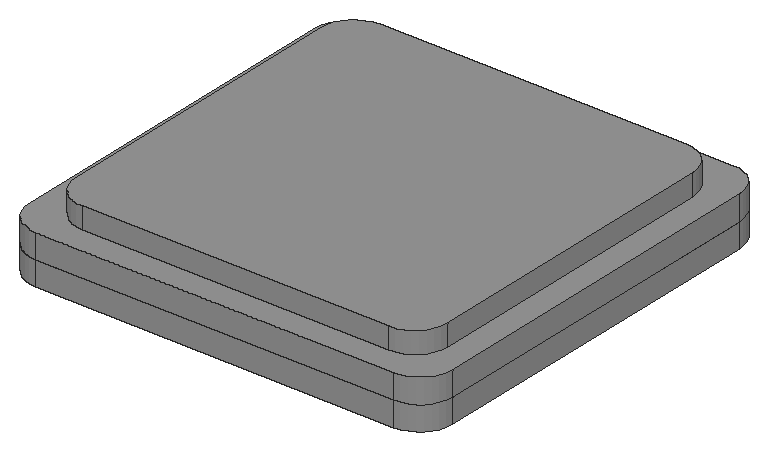
Revit family "FMS2_63_UN_Surface-mounted_ETK", category Lighting Fixtures, Revit 2019 (continued)
Definition of nested family "FMS.2 - Lightsource"
  Types (14, lengths in mm): name | Wattage Comments | Wattage | built-in parameter 1150134 | Photometric Web File | built-in parameter 1150142 | built-in parameter 1150105 | Lumens | built-in parameter 1150107 | built-in parameter 1150106 | Apparent Load
      .8348\t455.1776\t453.3823\t451.7251\r\n449.9298\t448.2726\t446.063\t443.4391\t440.6771\t437.777\t435.015\t432.3911\t429.7672\t427.0052\r\n424.1051\t421.3431\t418.443\t415.681\t412.7809\t410.0189\t407.2569\t404.4949\t401.5948\t398.6947\r\n395.7946\t393.0326\t390.1325\t387.3705\t384.6085\t381.5703\t378.6702\t375.7701\t372.7319\t369.8318\r\n366.9317\t364.1697\t361.2696\t358.5076\t355.6075\t352.7074\t349.6692\t346.7691\t343.869\t340.6927\r\n337.1021\t333.3734\t329.7828\t326.1922\t322.6016\t319.011\t315.4204\t311.8298\t308.2392\t304.6486\r\n301.058\t297.4674\t293.8768\t290.2862\t286.6956\t283.105\t279.5144\t276.0619\t272.4713\t268.8807\r\n265.2901\t261.8376\t258.3851\t254.9326\t251.4801\t248.0276\t244.5751\t241.1226\t237.6701\t234.2176\r\n230.627\t226.7602\t222.8934\t219.0266\t215.2979\t211.4311\t207.7024\t203.8356\t200.1069\t196.3782\r\n192.6495\t188.9208\t185.1921\t181.4634\t177.8728\t174.1441\t170.5535\t166.8248\t163.2342\t159.6436\r\n156.053\t152.4624\t148.8718\t145.2812\t141.8287\t138.2381\t134.7718\t131.2088\t127.6596\t124.1243\r\n120.6027\t117.095\t113.6149\t110.1624\t106.7099\t103.285\t99.8739\t96.4628\t93.0794\t89.696\r\n86.3263\t82.9705\t79.6285\t76.3003\t72.972\t69.6715\t66.3709\t63.0841\t59.8111\t54.3562\r\n46.3325\t38.3089\t30.2991\t22.2893\t14.2934\t6.2863\t0\t0\t0\t0\r\n0\t0\t0\t0\t0\t0\t0\t0\t0\t0\r\n0\r\n502.9602\t501.8554\t500.7506\t499.6458\t498.6791\t497.7124\t496.8838\t495.779\t494.6742\t493.7075\r\n492.6027\t491.636\t490.5312\t489.4264\t488.3216\t487.2168\t485.9739\t484.731\t483.4881\t482.2452\r\n480.8642\t479.6213\t478.3784\t476.9974\t475.6164\t474.3735\t472.9925\t471.6115\t470.2305\t468.8495\r\n467.3304\t465.9494\t464.4303\t462.9112\t461.3921\t459.873\t458.3539\t456.9729\t455.4538\t453.2442\r\n450.6203\t447.8583\t445.2344\t442.6105\t439.8485\t437.2246\t434.6007\t431.9768\t429.3529\t426.5909\r\n423.8289\t421.0669\t418.443\t415.681\t413.0571\t410.2951\t407.5331\t404.7711\t402.0091\t399.2471\r\n396.4851\t393.7231\t390.9611\t388.3372\t385.5752\t382.8132\t380.0512\t377.2892\t374.5272\t371.7652\r\n369.0032\t366.2412\t363.4792\t360.5791\t357.8171\t354.0884\t350.6359\t347.0453\t343.4547\t340.0022\r\n336.5497\t332.9591\t329.5066\t325.916\t322.4635\t318.8729\t315.2823\t311.8298\t308.2392\t304.7867\r\n301.3342\t297.8817\t294.2911\t290.8386\t287.3861\t283.9336\t280.4811\t277.0286\t273.5761\t270.1236\r\n266.6711\t263.2186\t259.9042\t256.4517\t252.9992\t249.6848\t245.818\t241.9512\t238.2225\t234.3557\r\n230.627\t226.7602\t223.0315\t219.1647\t215.436\t211.7073\t207.9786\t204.2499\t200.5212\t196.7925\r\n193.2019\t189.4732\t185.7445\t182.1539\t178.5633\t174.8346\t171.244\t167.6534\t164.0628\t160.4722\r\n156.8816\t153.291\t149.7004\t146.1098\t142.5192\t138.9286\t135.338\t131.7612\t128.212\t124.6629\r\n121.1275\t117.5922\t114.0706\t110.5629\t107.0689\t103.575\t100.1087\t96.6424\t93.2037\t89.765\r\n86.3401\t82.9152\t79.5042\t76.0931\t72.6958\t69.3124\t65.9289\t61.6064\t53.4999\t45.4073\r\n37.3008\t29.222\t21.1293\t13.0463\t4.9661\t0\t0\t0\t0\t0\r\n0\t0\t0\t0\t0\t0\t0\t0\t0\t0\r\n0\r\n502.9602\t501.8554\t500.7506\t499.6458\t498.6791\t497.7124\t496.7457\t495.779\t494.6742\t493.5694\r\n492.6027\t491.4979\t490.3931\t489.4264\t488.3216\t487.2168\t486.112\t484.8691\t483.7643\t482.5214\r\n481.2785\t480.0356\t478.7927\t477.4117\t476.1688\t474.9259\t473.5449\t472.302\t471.0591\t469.6781\r\n468.2971\t466.9161\t465.5351\t464.2922\t462.9112\t461.5302\t460.0111\t457.6634\t455.0395\t452.5537\r\n450.0679\t447.5821\t444.9582\t442.4724\t439.8485\t437.2246\t434.4626\t431.8387\t429.2148\t426.5909\r\n423.967\t421.3431\t418.7192\t416.2334\t413.4714\t410.8475\t408.2236\t405.4616\t402.8377\t400.2138\r\n397.5899\t394.966\t392.3421\t389.5801\t386.9562\t384.1942\t381.5703\t378.9464\t376.3225\t373.6986\r\n371.0747\t367.7603\t364.3078\t360.8553\t357.4028\t353.9503\t350.4978\t347.0453\t343.5928\t340.0022\r\n336.6878\t333.2353\t329.7828\t326.1922\t322.7397\t319.2872\t315.8347\t312.3822\t308.9297\t305.4772\r\n302.0247\t298.7103\t295.2578\t291.9434\t288.4909\t285.1765\t281.724\t278.2715\t274.9571\t271.5046\r\n268.1902\t264.8758\t261.1471\t257.4184\t253.5516\t249.8229\t245.9561\t242.2274\t238.4987\t234.6319\r\n230.9032\t227.1745\t223.4458\t219.7171\t215.9884\t212.2597\t208.531\t204.9404\t201.2117\t197.483\r\n193.8924\t190.1637\t186.5731\t182.8444\t179.2538\t175.5251\t171.9345\t168.3439\t164.7533\t161.1627\r\n157.434\t153.8434\t150.1147\t146.5241\t142.9335\t139.3429\t135.7385\t132.1617\t128.5849\t125.0219\r\n121.4728\t117.9236\t114.3882\t110.8529\t107.3175\t103.7822\t100.2606\t96.739\t93.2313\t89.7236\r\n86.2296\t82.7357\t79.2556\t75.7893\t72.3092\t68.8428\t61.7998\t53.6104\t45.4349\t37.2594\r\n29.0839\t20.9222\t12.7535\t4.5891\t0\t0\t0\t0\t0\t0\r\n0\t0\t0\t0\t0\t0\t0\t0\t0\t0\r\n0\r\n502.9602\t501.8554\t500.7506\t499.6458\t498.541\t497.5743\t496.6076\t495.6409\t494.6742\t493.5694\r\n492.6027\t491.4979\t490.3931\t489.4264\t488.3216\t487.2168\t486.2501\t485.1453\t483.9024\t482.7976\r\n481.6928\t480.4499\t479.3451\t478.1022\t476.8593\t475.6164\t474.3735\t473.1306\t471.8877\t470.6448\r\n469.4019\t468.159\t466.9161\t465.6732\t464.2922\t462.2207\t459.7349\t457.2491\t454.7633\t452.4156\r\n449.9298\t447.444\t444.8201\t442.3343\t439.7104\t437.2246\t434.7388\t432.253\t429.6291\t427.1433\r\n424.6575\t422.0336\t419.4097\t416.9239\t414.3\t411.6761\t409.1903\t406.5664\t404.0806\t401.4567\r\n398.8328\t396.347\t393.7231\t391.2373\t388.6134\t385.9895\t383.5037\t380.8798\t377.8416\t374.3891\r\n370.9366\t367.6222\t364.1697\t360.7172\t357.2647\t353.9503\t350.4978\t347.1834\t343.7309\t340.2784\r\n336.964\t333.5115\t330.1971\t326.7446\t323.4302\t319.9777\t316.6633\t313.2108\t309.8964\t306.582\r\n303.1295\t299.8151\t296.5007\t293.1863\t289.8719\t286.4194\t283.105\t279.7906\t276.4762\t272.8856\r\n269.0188\t265.2901\t261.4233\t257.6946\t253.9659\t250.2372\t246.3704\t242.6417\t238.913\t235.1843\r\n231.4556\t227.7269\t223.9982\t220.2695\t216.6789\t212.9502\t209.2215\t205.6309\t201.9022\t198.1735\r\n194.5829\t190.8542\t187.2636\t183.673\t179.9443\t176.3537\t172.7631\t169.0344\t165.4438\t161.7151\r\n158.1245\t154.3958\t150.8052\t147.0765\t143.4859\t139.8953\t136.1942\t132.576\t128.9578\t125.3534\r\n121.749\t118.1722\t114.5816\t111.0048\t107.428\t103.865\t100.2882\t96.739\t93.1761\t89.6269\r\n86.0777\t82.5286\t78.9932\t75.444\t71.301\t63.0288\t54.7705\t46.4983\t38.2399\t29.9953\r\n21.7369\t13.4896\t5.2423\t0\t0\t0\t0\t0\t0\t0\r\n0\t0\t0\t0\t0\t0\t0\t0\t0\t0\r\n0\r\n502.9602\t501.8554\t500.7506\t499.6458\t498.6791\t497.5743\t496.6076\t495.6409\t494.6742\t493.7075\r\n492.6027\t491.636\t490.5312\t489.4264\t488.4597\t487.3549\t486.3882\t485.2834\t484.1786\t483.2119\r\n482.1071\t481.0023\t479.8975\t478.7927\t477.6879\t476.445\t475.3402\t474.0973\t472.8544\t471.7496\r\n470.5067\t469.2638\t468.0209\t466.778\t464.4303\t461.9445\t459.5968\t457.2491\t454.7633\t452.2775\r\n449.9298\t447.444\t444.9582\t442.4724\t440.1247\t437.6389\t435.1531\t432.6673\t430.1815\t427.6957\r\n425.2099\t422.7241\t420.2383\t417.7525\t415.2667\t412.7809\t410.4332\t407.9474\t405.4616\t402.9758\r\n400.49\t398.0042\t395.5184\t393.0326\t390.5468\t388.061\t384.6085\t381.2941\t377.8416\t374.5272\r\n371.0747\t367.7603\t364.4459\t360.9934\t357.679\t354.3646\t351.0502\t347.7358\t344.2833\t340.9689\r\n337.6545\t334.3401\t331.0257\t327.7113\t324.2588\t320.9444\t317.63\t314.3156\t311.0012\t307.6868\r\n304.3724\t301.058\t297.8817\t294.5673\t291.2529\t287.9385\t284.486\t280.7573\t276.8905\t273.1618\r\n269.4331\t265.7044\t261.8376\t258.1089\t254.3802\t250.6515\t246.9228\t243.3322\t239.6035\t235.8748\r\n232.1461\t228.4174\t224.6887\t221.0981\t217.3694\t213.6407\t210.0501\t206.3214\t202.7308\t199.0021\r\n195.4115\t191.6828\t188.0922\t184.3635\t180.7729\t177.0442\t173.4536\t169.7249\t165.9962\t162.4056\r\n158.6769\t154.9482\t151.3576\t147.6289\t144.0383\t140.3096\t136.7052\t133.0455\t129.3859\t125.74\r\n122.0942\t118.4622\t114.8302\t111.1981\t107.5799\t103.9617\t100.3435\t96.7252\t93.1208\t89.5164\r\n85.912\t82.3214\t78.7308\t73.704\t65.3627\t57.0215\t48.6803\t40.339\t32.0116\t23.6703\r\n15.3429\t7.0072\t0\t0\t0\t0\t0\t0\t0\t0\r\n0\t0\t0\t0\t0\t0\t0\t0\t0\t0\r\n0\r\n502.9602\t501.8554\t500.8887\t499.7839\t498.6791\t497.7124\t496.6076\t495.6409\t494.6742\t493.7075\r\n492.7408\t491.7741\t490.8074\t489.7026\t488.5978\t487.6311\t486.5263\t485.5596\t484.4548\t483.4881\r\n482.3833\t481.4166\t480.4499\t479.3451\t478.2403\t477.2736\t476.1688\t475.064\t474.0973\t472.9925\r\n471.8877\t470.6448\t469.4019\t466.9161\t464.4303\t462.0826\t459.5968\t457.2491\t454.7633\t452.4156\r\n450.0679\t447.5821\t445.2344\t442.8867\t440.4009\t438.0532\t435.7055\t433.2197\t430.872\t428.3862\r\n426.0385\t423.6908\t421.205\t418.8573\t416.5096\t414.1619\t411.6761\t409.1903\t406.8426\t404.3568\r\n402.0091\t399.5233\t397.1756\t394.6898\t391.5135\t388.1991\t384.8847\t381.5703\t378.2559\t374.9415\r\n371.6271\t368.3127\t364.9983\t361.6839\t358.3695\t355.0551\t351.7407\t348.4263\t345.1119\t341.9356\r\n338.6212\t335.3068\t331.9924\t328.678\t325.3636\t322.0492\t318.7348\t315.5585\t312.2441\t308.9297\r\n305.6153\t302.439\t299.1246\t295.9483\t292.4958\t288.7671\t285.0384\t281.3097\t277.581\t273.8523\r\n270.1236\t266.3949\t262.6662\t258.9375\t255.2088\t251.4801\t247.7514\t244.0227\t240.294\t236.5653\r\n232.8366\t229.246\t225.5173\t221.7886\t218.0599\t214.3312\t210.7406\t207.0119\t203.2832\t199.6926\r\n195.9639\t192.3733\t188.6446\t185.054\t181.3253\t177.5966\t174.006\t170.2773\t166.5486\t162.8199\r\n159.2293\t155.5006\t151.7719\t148.1813\t144.4526\t140.7239\t137.0781\t133.4046\t129.7311\t126.0577\r\n122.398\t118.7246\t115.0649\t111.4053\t107.7594\t104.0998\t100.4401\t96.7943\t93.1485\t89.5026\r\n85.8568\t82.2109\t77.2946\t68.8705\t60.4602\t52.0361\t43.612\t35.2017\t26.7776\t18.3673\r\n9.9584\t1.5467\t0\t0\t0\t0\t0\t0\t0\t0\r\n0\t0\t0\t0\t0\t0\t0\t0\t0\t0\r\n0\r\n502.9602\t501.9935\t500.8887\t499.7839\t498.8172\t497.8505\t496.7457\t495.779\t494.8123\t493.8456\r\n492.8789\t491.9122\t490.9455\t489.9788\t489.0121\t487.9073\t486.9406\t485.9739\t485.0072\t483.9024\r\n482.9357\t481.969\t480.8642\t479.8975\t478.9308\t477.826\t476.8593\t475.8926\t474.7878\t473.8211\r\n472.8544\t471.7496\t469.54\t467.1923\t464.8446\t462.4969\t460.1492\t457.8015\t455.4538\t453.1061\r\n450.7584\t448.2726\t445.9249\t443.5772\t441.0914\t438.7437\t436.396\t434.0483\t431.7006\t429.2148\r\n426.8671\t424.5194\t422.1717\t419.824\t417.4763\t415.2667\t412.919\t410.4332\t408.0855\t405.7378\r\n403.3901\t400.9043\t398.2804\t394.966\t391.7897\t388.4753\t385.1609\t381.9846\t378.6702\t375.4939\r\n372.1795\t369.0032\t365.6888\t362.5125\t359.1981\t356.0218\t352.7074\t349.393\t346.0786\t342.9023\r\n339.5879\t336.4116\t333.0972\t329.7828\t326.6065\t323.2921\t320.1158\t316.8014\t313.6251\t310.3107\r\n307.1344\t303.82\t300.6437\t296.915\t293.1863\t289.4576\t285.7289\t282.0002\t278.2715\t274.5428\r\n270.8141\t267.0854\t263.3567\t259.628\t255.8993\t252.1706\t248.58\t244.8513\t241.1226\t237.3939\r\n233.6652\t229.9365\t226.3459\t222.6172\t218.8885\t215.2979\t211.5692\t207.8405\t204.2499\t200.5212\r\n196.7925\t193.2019\t189.4732\t185.7445\t182.0158\t178.2871\t174.5584\t170.8297\t167.101\t163.5104\r\n159.7817\t156.053\t152.3243\t148.5956\t144.8669\t141.1382\t137.5062\t133.8051\t130.104\t126.4167\r\n122.7157\t119.0284\t115.3411\t111.64\t107.9528\t104.2655\t100.5782\t96.891\t93.2175\t89.5302\r\n85.843\t82.059\t73.5659\t65.0727\t56.5796\t48.1002\t39.6071\t31.1277\t22.6346\t14.1553\r\n5.6704\t0\t0\t0\t0\t0\t0\t0\t0\t0\r\n0\t0\t0\t0\t0\t0\t0\t0\t0\t0\r\n0\r\n502.9602\t501.9935\t501.0268\t499.922\t498.9553\t497.9886\t497.0219\t495.9171\t494.9504\t493.9837\r\n493.017\t492.0503\t491.0836\t490.1169\t489.1502\t488.3216\t487.3549\t486.3882\t485.4215\t484.4548\r\n483.4881\t482.5214\t481.5547\t480.588\t479.6213\t478.6546\t477.6879\t476.7212\t475.7545\t474.7878\r\n473.8211\t472.0258\t469.6781\t467.4685\t465.1208\t462.7731\t460.4254\t458.0777\t455.8681\t453.5204\r\n451.1727\t448.825\t446.6154\t444.2677\t441.92\t439.5723\t437.2246\t435.015\t432.6673\t430.3196\r\n427.9719\t425.7623\t423.4146\t421.0669\t418.7192\t416.3715\t414.1619\t411.8142\t409.4665\t407.2569\r\n404.9092\t402.2853\t399.109\t395.7946\t392.4802\t389.3039\t385.9895\t382.8132\t379.4988\t376.3225\r\n373.0081\t369.8318\t366.5174\t363.203\t360.0267\t356.8504\t353.536\t350.3597\t347.0453\t343.869\r\n340.5546\t337.3783\t334.0639\t330.8876\t327.7113\t324.3969\t321.2206\t317.9062\t314.7299\t311.5536\r\n308.2392\t305.0629\t301.3342\t297.6055\t293.8768\t290.1481\t286.4194\t282.8288\t279.1001\t275.3714\r\n271.6427\t267.914\t264.3234\t260.5947\t256.866\t253.1373\t249.4086\t245.818\t242.0893\t238.3606\r\n234.6319\t230.9032\t227.1745\t223.5839\t219.8552\t216.1265\t212.3978\t208.6691\t205.0785\t201.3498\r\n197.6211\t194.0305\t190.3018\t186.435\t182.7063\t178.9776\t175.2489\t171.5202\t167.7915\t164.0628\r\n160.3341\t156.6054\t152.8767\t149.148\t145.4193\t141.6906\t138.031\t134.3022\t130.5874\t126.8725\r\n123.1438\t119.4289\t115.7002\t111.9853\t108.2704\t104.5555\t100.8406\t97.1257\t93.4108\t89.696\r\n85.9811\t79.5318\t70.9834\t62.4212\t53.8728\t45.3106\t36.7622\t28.2\t19.6516\t11.0991\r\n2.5479\t0\t0\t0\t0\t0\t0\t0\t0\t0\r\n0\t0\t0\t0\t0\t0\t0\t0\t0\t0\r\n0\r\n502.9602\t501.9935\t501.0268\t500.0601\t499.0934\t498.1267\t497.16\t496.3314\t495.3647\t494.398\r\n493.4313\t492.4646\t491.4979\t490.5312\t489.7026\t488.7359\t487.7692\t486.8025\t485.9739\t485.0072\r\n484.0405\t483.0738\t482.2452\t481.2785\t480.3118\t479.4832\t478.5165\t477.5498\t476.7212\t475.7545\r\n474.7878\t472.7163\t470.3686\t468.0209\t465.8113\t463.4636\t461.254\t458.9063\t456.5586\t454.349\r\n452.0013\t449.7917\t447.444\t445.2344\t442.8867\t440.539\t438.3294\t435.9817\t433.7721\t431.4244\r\n429.2148\t426.8671\t424.5194\t422.3098\t419.9621\t417.7525\t415.4048\t413.1952\t410.8475\t408.4998\r\n406.2902\t403.252\t399.9376\t396.7613\t393.4469\t390.2706\t386.9562\t383.7799\t380.6036\t377.2892\r\n374.1129\t370.7985\t367.6222\t364.4459\t361.1315\t357.9552\t354.6408\t351.4645\t348.2882\t344.9738\r\n341.7975\t338.4831\t335.3068\t332.1305\t328.8161\t325.6398\t322.4635\t319.1491\t315.9728\t312.7965\r\n309.4821\t305.8915\t302.1628\t298.5722\t294.8435\t291.1148\t287.3861\t283.6574\t279.9287\t276.2\r\n272.6094\t268.8807\t265.152\t261.4233\t257.6946\t253.9659\t250.3753\t246.6466\t242.9179\t239.1892\r\n235.4605\t231.8699\t228.1412\t224.4125\t220.6838\t216.9551\t213.3645\t209.6358\t205.9071\t202.1784\r\n198.4497\t194.721\t190.9923\t187.2636\t183.5349\t179.8062\t176.0775\t172.3488\t168.482\t164.7533\r\n161.0246\t157.2959\t153.5672\t149.8385\t146.1098\t142.3811\t138.6524\t134.8685\t131.126\t127.3834\r\n123.6547\t119.9122\t116.1697\t112.4272\t108.6985\t104.956\t101.2135\t97.4848\t93.7423\t90.0136\r\n86.2711\t78.1922\t69.5748\t60.9573\t52.3399\t43.7225\t35.105\t26.4876\t17.8701\t9.2582\r\n0.6424\t0\t0\t0\t0\t0\t0\t0\t0\t0\r\n0\t0\t0\t0\t0\t0\t0\t0\t0\t0\r\n0\r\n502.9602\t502.1316\t501.1649\t500.1982\t499.3696\t498.4029\t497.5743\t496.6076\t495.6409\t494.8123\r\n493.8456\t493.017\t492.0503\t491.0836\t490.255\t489.2883\t488.4597\t487.493\t486.5263\t485.6977\r\n484.731\t483.9024\t482.9357\t482.1071\t481.1404\t480.1737\t479.3451\t478.3784\t477.5498\t476.5831\r\n475.6164\t473.4068\t471.0591\t468.8495\t466.6399\t464.2922\t462.0826\t459.7349\t457.5253\t455.1776\r\n452.968\t450.6203\t448.4107\t446.063\t443.8534\t441.6438\t439.2961\t437.0865\t434.7388\t432.5292\r\n430.1815\t427.9719\t425.6242\t423.4146\t421.0669\t418.8573\t416.5096\t414.3\t412.0904\t409.7427\r\n407.5331\t404.2187\t401.0424\t397.8661\t394.5517\t391.3754\t388.1991\t385.0228\t381.7084\t378.5321\r\n375.3558\t372.0414\t368.8651\t365.6888\t362.3744\t359.1981\t356.0218\t352.8455\t349.5311\t346.3548\r\n343.1785\t339.8641\t336.6878\t333.5115\t330.1971\t327.0208\t323.8445\t320.5301\t317.3538\t314.1775\r\n311.0012\t307.2725\t303.5438\t299.8151\t296.0864\t292.3577\t288.629\t284.9003\t281.1716\t277.4429\r\n273.7142\t269.9855\t266.2568\t262.5281\t258.7994\t255.0707\t251.342\t247.6133\t244.0227\t240.294\r\n236.5653\t232.8366\t229.1079\t225.3792\t221.6505\t217.9218\t214.1931\t210.4644\t206.7357\t203.007\r\n199.2783\t195.5496\t191.8209\t188.0922\t184.2254\t180.4967\t176.768\t173.0393\t169.3106\t165.5819\r\n161.7151\t157.9864\t154.2577\t150.529\t146.8003\t142.9335\t139.2048\t135.4761\t131.7336\t127.9773\r\n124.221\t120.4646\t116.7083\t112.952\t109.1957\t105.4532\t101.6968\t97.9405\t94.1842\t90.4279\r\n86.6716\t78.0127\t69.34\t60.6673\t52.0085\t43.3358\t34.6769\t26.0042\t17.3316\t8.6672\r\n0\t0\t0\t0\t0\t0\t0\t0\t0\t0\r\n0\t0\t0\t0\t0\t0\t0\t0\t0\t0\r\n0\r\n502.9602\t501.9935\t501.1649\t500.1982\t499.3696\t498.4029\t497.5743\t496.6076\t495.6409\t494.8123\r\n493.8456\t493.017\t492.1884\t491.2217\t490.3931\t489.4264\t488.5978\t487.6311\t486.8025\t485.9739\r\n485.0072\t484.1786\t483.35\t482.3833\t481.5547\t480.7261\t479.8975\t478.9308\t478.1022\t477.2736\r\n476.445\t474.2354\t472.0258\t469.8162\t467.4685\t465.2589\t463.0493\t460.7016\t458.492\t456.2824\r\n453.9347\t451.7251\t449.5155\t447.1678\t444.9582\t442.6105\t440.4009\t438.0532\t435.8436\t433.4959\r\n431.2863\t428.9386\t426.729\t424.3813\t422.1717\t419.824\t417.6144\t415.2667\t413.0571\t410.7094\r\n408.4998\t405.4616\t402.1472\t398.9709\t395.7946\t392.6183\t389.3039\t386.1276\t382.9513\t379.775\r\n376.4606\t373.2843\t370.108\t366.7936\t363.6173\t360.441\t357.1266\t353.9503\t350.774\t347.5977\r\n344.2833\t341.107\t337.9307\t334.6163\t331.44\t328.2637\t324.9493\t321.773\t318.5967\t315.2823\r\n312.106\t308.5154\t304.7867\t301.058\t297.3293\t293.6006\t289.8719\t286.1432\t282.4145\t278.6858\r\n274.9571\t271.2284\t267.4997\t263.771\t260.0423\t256.3136\t252.5849\t248.8562\t245.1275\t241.3988\r\n237.6701\t233.9414\t230.2127\t226.484\t222.7553\t219.0266\t215.2979\t211.4311\t207.7024\t203.9737\r\n200.245\t196.5163\t192.7876\t189.0589\t185.1921\t181.4634\t177.7347\t173.8679\t170.1392\t166.4105\r\n162.6818\t158.815\t155.0863\t151.3576\t147.4908\t143.7621\t140.0334\t136.2357\t132.4655\t128.6954\r\n124.9253\t121.1551\t117.385\t113.6149\t109.8447\t106.0746\t102.3045\t98.5343\t94.7642\t90.9941\r\n87.224\t79.0623\t70.3481\t61.634\t52.9199\t44.2058\t35.5055\t26.7914\t18.0773\t9.3618\r\n0.6498\t0\t0\t0\t0\t0\t0\t0\t0\t0\r\n0\t0\t0\t0\t0\t0\t0\t0\t0\t0\r\n0\r\n502.9602\t502.1316
